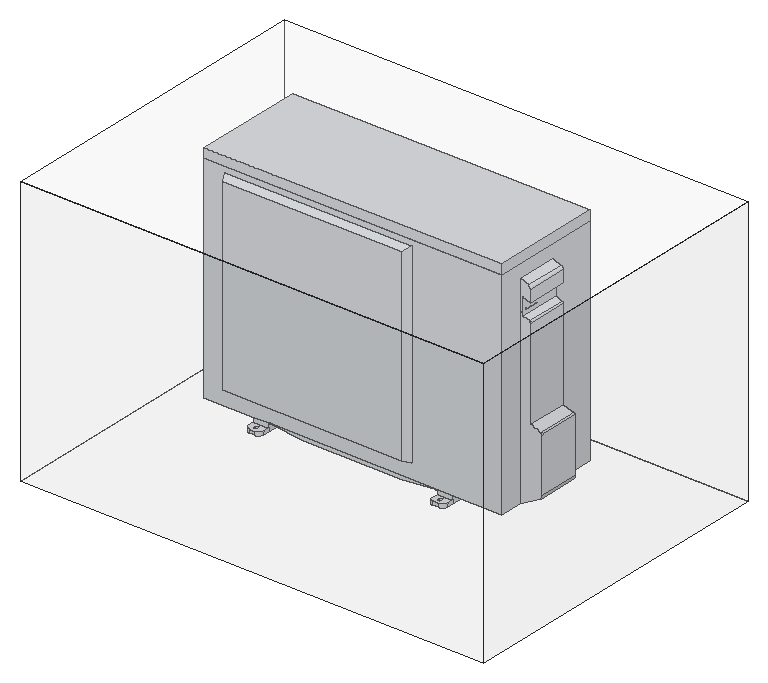
Revit family "puz-zrmp28_63ska12_50Hz", category 機械設備, Revit 2019
Family settings
  丸型コネクタ寸法 = 直径を使用
  パーツ タイプ = 標準
  OmniClass 番号 = 23.75.10.24.21.27.27
  OmniClass タイトル = Split System Air Conditioning Units
  作業面ベース = いいえ
  常に垂直 = はい
  ロード時にボイドで切り取り = いいえ
  共有 = いいえ
  部屋計算ポイント = いいえ
Parameters (values of type "PUZ-ZRMP63SKA12")
  音響パワーレベル（冷）(dB) = 65
  音響パワーレベル(dB) = 67
  電源種別 = ""
  電源位置Y = 61 mm
  電源位置Z = 497.7 mm
  電源位置X = 400 mm
  電圧 = 200 V
  電動機出力_送風機 = 0.04 kW
  電動機出力_圧縮機 = 1.2 kW
  集中コントローラ [instance] = ""
  運転質量 = 0.00 kg
  運転方法 = "冷暖切替"
  質量 = if(製品質量 > 運転質量, 製品質量, 運転質量) * 1.2  # 51.60 kg
  負荷分類 = 1_熱源類
  説明 = "空冷H/P PAC インバータ室外機"
  設計暖房能力 [instance] = 0 kW
  設計冷房能力_顕熱 [instance] = 0 kW
  設計冷房能力 [instance] = 0 kW
  設置方法 = "床置形"
  記号 [instance] = ""
  製造元 = "三菱電機株式会社"
  製品質量 = 43.00 kg
  製品出荷対象 = "国内"
  製品リリース年月 = "2022/10/11"
  製品グループ = ""
  系統 [instance] = ""
  符号 = "PAC"
  積算_科目 = "1 空気調和設備"
  積算_拾い区分 [instance] = ""
  相 = 1
  盤記号 [instance] = ""
  発停方法 = "付属スイッチ"
  特殊仕様 [instance] = ""
  消費電力_暖房 = 1.34 kW
  消費電力_冷房 = 1.28 kW
  消費電力 = if(消費電力_冷房 > 消費電力_暖房, 消費電力_冷房, 消費電力_暖房)  # 1.34 kW
  法定耐用年数 = "6"
  構成品番 = "PUZ-ZRMP63SKA"
  極数 = 1
  材質 [instance] = ""
  本体マテリアル = none
  最小電線太さ_mm2 = 1.6
  最大電流値 = 0 A
  暖房能力 = 6.3 kW
  推奨ブレーカー容量 = 30 A
  据付ピッチ1 = 0 mm
  形式 = "パッケージ形 室外機"
  形名 = PUZ-ZRMP-1 : PUZ-ZRMP-1
  幹線記号 [instance] = ""
  始動方式 = "インバータ始動方式"
  呼称 = "パッケージ形空気調和機_室外機"
  周波数 = 50 Hz
  価格 = 716000
  ドレン　位置Z = 8.5 mm
  ドレン　位置Y = 48.5 mm
  ドレン　位置X = 404.5 mm
  アンカーボルト位置Y = 330 mm
  アンカーボルト位置X = 500 mm
  参照している仕様書等のバージョン = "公共建築物標準仕様書（機械設備工事編）平成31年度版"
  分類コード = "50053003126100"
  分類グループ = ""
  冷房能力 = 5.6 kW
  冷媒管（ガス）位置X = 420 mm
  冷媒管（液）位置X = 420 mm
  冷媒管（液）位置Y = 153.75 mm
  冷媒管（ガス）位置Y = 153.75 mm
  冷媒管長 [instance] = 0 mm
  冷媒管径符号 = "Ac"
  冷媒管径 = 60.00 mm
  冷媒管位置Z = 158.95 mm
  冷媒管位置Y = (冷媒管（液）位置Y + 冷媒管（ガス）位置Y) / 2  # 153.75 mm
  冷媒管位置X = (冷媒管（液）位置X + 冷媒管（ガス）位置X) / 2  # 420 mm
  冷媒液管径 = 6.35 mm
  冷媒ガス管径 = 12.70 mm
  企業コード = "108420"
  付属品 [instance] = ""
  仕様書バージョン = "Version1.0"
  ユニット数 = 1
  ユニット3 = yes
  ユニット2 = yes
  Model = ""
  ドレン管径 = 42.00 mm
  サービススペース = yes
  コメント [instance] = ""
  ケーブル種類1 = ""
  Width = 809 mm
  Version = ""
  Uniclass2015Version = "Systems v1.9"
  Uniclass2015Title = "Split coil remote air cooled condensing units"
  Uniclass2015Code = "Pr_70_65_03_84"
  URL = "https://www.mitsubishielectric.co.jp/ldg/wink/ssl/displayProduct.do?pid=323518"
  SpecificationReference = ""
  SpecificationDescription = ""
  Revision = ""
  ProductInformation = ""
  OmniClassCode = "23-33 17 13 11"
  IfcTypeProduct = ""
  IfcProduct = ""
  IfcExportType = "AIRCONDITIONINGUNIT"
  IfcExportAs = "IfcUnitaryEquipmentType"
  Height = 630 mm
  Depth = 300 mm
  Clearance Top = 100 mm
  Clearance Right = 350 mm
  Clearance Left = 100 mm
  Clearance Front = 500 mm
  Clearance Bottom = 0 mm
  Clearance Back = 100 mm
  COP = 0
  Author = "三菱電機株式会社"
  APF = 0
Reference planes
  plane 1 "中心(正面/背面)": y = 74
  plane 2: z = 0
  plane 3 "中心(左/右)": x = 830
  plane 4 "右": x = 1234.5
  plane 5 "左": x = 425.5
  plane 6 "背面": y = 224
  plane 7 "正面": y = -76
  plane 8 "上部": z = 630
  plane 9 "Clearanse Top": z = 730
  plane 10 "SS_back": y = 324
  plane 11 "SS_front": y = -576
  plane 12 "SS_left": x = 325.5
  plane 13 "SS_right": x = 1584.5
  plane 14: z = 0
  plane 15: y = -15
  plane 16: x = 1230
  plane 17: z = 497.7
  plane 18: y = -13
  plane 19: y = 70.25
  plane 20: x = 1250
  plane 21: y = 175.5
  plane 22: x = 830
  plane 23: z = 10.5
  plane 24: z = 8.5
  plane 25: x = 580
  plane 26: x = 1080
  plane 27: y = 239
  plane 28: y = -91
Forms (mm)
  Extrusion 1, solid, detail levels fine
    sketch origin (0, -76, 0) x (1, 0, 0) y (0, 0, 1)
      loop
        circle (1230, 497.7) r 13.5
    from -63 to -61
  Extrusion 2, solid, detail levels fine
    sketch origin (-1437.329, -1524, 54) x (-1, 0, 0) y (0, -1, 0)
      loop
        circle (-2267.329, -1699.5) r 21
    from -45.5 to -43.5
  Sweep 3, solid, material <- "本体マテリアル", detail levels fine
    path origin (1250, 1296.25, 1200) x (0, 1, 0) y (0, 0, 1)
      loop
        line (-1226, -1041.05) -> (-1272.623, -1084.565)
    profile origin (1250, 46.939, 137.193) x (0, 0.682318, -0.731055) y (1, 0, 0)
      loop
        circle (0, 0) r 30
Lines and regions (mm)
  model lines, not visible
    curve 1: line (460, 178.667, 1289.179) -> (460, 297.73, 1289.179)
    curve 2: line (460, 178.667, 1056.056) -> (460, 178.667, 1289.179)
    curve 3: line (460, 297.73, 1056.056) -> (460, 178.667, 1056.056)
    curve 4: line (460, 297.73, 1289.179) -> (460, 297.73, 1056.056)
    curve 5: line (460, 47.598, 1289.179) -> (460, 166.661, 1289.179)
    curve 6: line (460, 47.598, 1056.056) -> (460, 47.598, 1289.179)
    curve 7: line (460, 166.661, 1056.056) -> (460, 47.598, 1056.056)
    curve 8: line (460, 166.661, 1289.179) -> (460, 166.661, 1056.056)
    curve 9: line (460, -83.471, 1289.179) -> (460, 35.592, 1289.179)
    curve 10: line (460, -83.471, 1056.056) -> (460, -83.471, 1289.179)
    curve 11: line (460, 35.592, 1056.056) -> (460, -83.471, 1056.056)
    curve 12: line (460, 35.592, 1289.179) -> (460, 35.592, 1056.056)
    curve 13: line (460, -150.779, 1289.179) -> (460, -95.75, 1289.179)
    curve 14: line (460, -150.779, 1056.056) -> (460, -150.779, 1289.179)
    curve 15: line (460, -95.75, 1056.056) -> (460, -150.779, 1056.056)
    curve 16: line (460, -95.75, 1289.179) -> (460, -95.75, 1056.056)
    curve 17: line (460, -150.779, 1283.175) -> (460, -132.596, 1283.175)
    curve 18: line (460, -150.779, 1062.059) -> (460, -150.779, 1283.175)
    curve 19: line (460, -132.596, 1062.059) -> (460, -150.779, 1062.059)
    curve 20: line (460, -132.596, 1283.175) -> (460, -132.596, 1062.059)
    curve 21: line (460, 178.667, 1046.051) -> (460, 297.73, 1046.051)
    curve 22: line (460, 178.667, 812.928) -> (460, 178.667, 1046.051)
    curve 23: line (460, 297.73, 812.928) -> (460, 178.667, 812.928)
    curve 24: line (460, 297.73, 1046.051) -> (460, 297.73, 812.928)
    curve 25: line (460, 47.598, 1046.051) -> (460, 166.661, 1046.051)
    curve 26: line (460, 47.598, 812.928) -> (460, 47.598, 1046.051)
    curve 27: line (460, 166.661, 812.928) -> (460, 47.598, 812.928)
    curve 28: line (460, 166.661, 1046.051) -> (460, 166.661, 812.928)
    curve 29: line (460, -83.471, 1046.051) -> (460, 35.592, 1046.051)
    curve 30: line (460, -83.471, 812.928) -> (460, -83.471, 1046.051)
    curve 31: line (460, 35.592, 812.928) -> (460, -83.471, 812.928)
    curve 32: line (460, 35.592, 1046.051) -> (460, 35.592, 812.928)
    curve 33: line (460, -150.779, 1046.051) -> (460, -95.75, 1046.051)
    curve 34: line (460, -150.779, 812.928) -> (460, -150.779, 1046.051)
    curve 35: line (460, -95.75, 812.928) -> (460, -150.779, 812.928)
    curve 36: line (460, -95.75, 1046.051) -> (460, -95.75, 812.928)
    curve 37: line (460, -150.779, 1040.048) -> (460, -132.596, 1040.048)
    curve 38: line (460, -150.779, 818.931) -> (460, -150.779, 1040.048)
    curve 39: line (460, -132.596, 818.931) -> (460, -150.779, 818.931)
    curve 40: line (460, -132.596, 1040.048) -> (460, -132.596, 818.931)
    curve 41: line (460, 178.667, 802.923) -> (460, 297.73, 802.923)
    curve 42: line (460, 178.667, 569.8) -> (460, 178.667, 802.923)
    curve 43: line (460, 297.73, 569.8) -> (460, 178.667, 569.8)
    curve 44: line (460, 297.73, 802.923) -> (460, 297.73, 569.8)
    curve 45: line (460, 47.598, 802.923) -> (460, 166.661, 802.923)
    curve 46: line (460, 47.598, 569.8) -> (460, 47.598, 802.923)
    curve 47: line (460, 166.661, 569.8) -> (460, 47.598, 569.8)
    curve 48: line (460, 166.661, 802.923) -> (460, 166.661, 569.8)
    curve 49: line (460, -83.471, 802.923) -> (460, 35.592, 802.923)
    curve 50: line (460, -83.471, 569.8) -> (460, -83.471, 802.923)
    curve 51: line (460, 35.592, 569.8) -> (460, -83.471, 569.8)
    curve 52: line (460, 35.592, 802.923) -> (460, 35.592, 569.8)
    curve 53: line (460, -150.779, 802.923) -> (460, -95.75, 802.923)
    curve 54: line (460, -150.779, 569.8) -> (460, -150.779, 802.923)
    curve 55: line (460, -95.75, 569.8) -> (460, -150.779, 569.8)
    curve 56: line (460, -95.75, 802.923) -> (460, -95.75, 569.8)
    curve 57: line (460, -150.779, 796.92) -> (460, -132.596, 796.92)
    curve 58: line (460, -150.779, 575.803) -> (460, -150.779, 796.92)
    curve 59: line (460, -132.596, 575.803) -> (460, -150.779, 575.803)
    curve 60: line (460, -132.596, 796.92) -> (460, -132.596, 575.803)
    curve 61: line (460, 178.667, 559.795) -> (460, 297.73, 559.795)
    curve 62: line (460, 178.667, 326.672) -> (460, 178.667, 559.795)
    curve 63: line (460, 297.73, 326.672) -> (460, 178.667, 326.672)
    curve 64: line (460, 297.73, 559.795) -> (460, 297.73, 326.672)
    curve 65: line (460, 47.598, 559.795) -> (460, 166.661, 559.795)
    curve 66: line (460, 47.598, 326.672) -> (460, 47.598, 559.795)
    curve 67: line (460, 166.661, 326.672) -> (460, 47.598, 326.672)
    curve 68: line (460, 166.661, 559.795) -> (460, 166.661, 326.672)
    curve 69: line (460, -83.471, 559.795) -> (460, 35.592, 559.795)
    curve 70: line (460, -83.471, 326.672) -> (460, -83.471, 559.795)
    curve 71: line (460, 35.592, 326.672) -> (460, -83.471, 326.672)
    curve 72: line (460, 35.592, 559.795) -> (460, 35.592, 326.672)
    curve 73: line (460, -150.779, 559.795) -> (460, -95.75, 559.795)
    curve 74: line (460, -150.779, 326.672) -> (460, -150.779, 559.795)
    curve 75: line (460, -95.75, 326.672) -> (460, -150.779, 326.672)
    curve 76: line (460, -95.75, 559.795) -> (460, -95.75, 326.672)
    curve 77: line (460, -150.779, 553.792) -> (460, -132.596, 553.792)
    curve 78: line (460, -150.779, 332.675) -> (460, -150.779, 553.792)
    curve 79: line (460, -132.596, 332.675) -> (460, -150.779, 332.675)
    curve 80: line (460, -132.596, 553.792) -> (460, -132.596, 332.675)
    curve 81: line (460, 178.667, 316.667) -> (460, 297.73, 316.667)
    curve 82: line (460, 178.667, 83.544) -> (460, 178.667, 316.667)
    curve 83: line (460, 297.73, 83.544) -> (460, 178.667, 83.544)
    curve 84: line (460, 297.73, 316.667) -> (460, 297.73, 83.544)
    curve 85: line (460, 47.598, 316.667) -> (460, 166.661, 316.667)
    curve 86: line (460, 47.598, 83.544) -> (460, 47.598, 316.667)
    curve 87: line (460, 166.661, 83.544) -> (460, 47.598, 83.544)
    curve 88: line (460, 166.661, 316.667) -> (460, 166.661, 83.544)
    curve 89: line (460, -83.471, 316.667) -> (460, 35.592, 316.667)
    curve 90: line (460, -83.471, 83.544) -> (460, -83.471, 316.667)
    curve 91: line (460, 35.592, 83.544) -> (460, -83.471, 83.544)
    curve 92: line (460, 35.592, 316.667) -> (460, 35.592, 83.544)
    curve 93: line (460, -150.779, 316.667) -> (460, -95.75, 316.667)
    curve 94: line (460, -150.779, 83.544) -> (460, -150.779, 316.667)
    curve 95: line (460, -95.75, 83.544) -> (460, -150.779, 83.544)
    curve 96: line (460, -95.75, 316.667) -> (460, -95.75, 83.544)
    curve 97: line (460, -150.779, 310.664) -> (460, -132.596, 310.664)
    curve 98: line (460, -150.779, 89.547) -> (460, -150.779, 310.664)
    curve 99: line (460, -132.596, 89.547) -> (460, -150.779, 89.547)
    curve 100: line (460, -132.596, 310.664) -> (460, -132.596, 89.547)
Dimensions and locks
  equal spacing: plane 7 "正面", plane 1 "中心(正面/背面)", plane 6 "背面"
  "Depth": plane 7 "正面" to plane 6 "背面"
  "Width": plane 5 "左" to plane 4 "右"
  equal spacing: plane 5 "左", plane 3 "中心(左/右)", plane 4 "右"
  "Clearance Left": plane 12 "SS_left" to plane 5 "左"
  "Clearance Right": plane 4 "右" to plane 13 "SS_right"
  "Clearance Back": plane 6 "背面" to plane 10 "SS_back"
  "Clearance Front": plane 11 "SS_front" to plane 7 "正面"
  "Height": plane 8 "上部" to level
  "Clearance Top": plane 9 "Clearanse Top" to plane 8 "上部"
  "Clearance Bottom": level to plane 14
  "電源位置X": plane 3 "中心(左/右)" to plane 16
  "電源位置Y": plane 7 "正面" to plane 15
  "電源位置Z": plane 17 to level
  locked: plane 15 to plane 18 at 2
  "冷媒管位置X": plane 3 "中心(左/右)" to plane 20
  "冷媒管位置Y": plane 19 to plane 6 "背面"
  "ドレン　位置X": plane 5 "左" to plane 22
  "ドレン　位置Y": plane 21 to plane 6 "背面"
  locked: plane 23 to plane 24 at 2
  "ドレン　位置Z": plane 24 to level
  equal spacing: plane 28, plane 1 "中心(正面/背面)", plane 27
  "アンカーボルト位置Y": plane 28 to plane 27
  equal spacing: plane 25, plane 3 "中心(左/右)", plane 26
  "アンカーボルト位置X": plane 25 to plane 26
  radius of Extrusion 1 sketch curve = 13.5 mm
  "ドレン管径": diameter of Extrusion 2 sketch curve
  "冷媒管径": diameter of Sweep 3 sketch curve
  aligned and locked: level to plane 2
  aligned and locked: plane 10 "SS_back" to nested 1  (x2)
  aligned and locked: plane 13 "SS_right" to nested 1
  aligned and locked: plane 12 "SS_left" to nested 1  (x2)
  aligned and locked: nested 1 to plane 13 "SS_right"
  aligned and locked: plane 11 "SS_front" to nested 1
  aligned and locked: plane 9 "Clearanse Top" to nested 1
  aligned and locked: plane 1 "中心(正面/背面)" to nested 2
  aligned and locked: plane 3 "中心(左/右)" to nested 2
  aligned and locked: plane 14 to nested 1
  aligned and locked: plane 17 to Extrusion 1 sketch curve
  aligned and locked: plane 16 to Extrusion 1 sketch curve
  aligned and locked: Extrusion 1 to plane 18
  aligned and locked: plane 15 to Extrusion 1
  aligned and locked: plane 22 to Extrusion 2 sketch curve
  aligned and locked: plane 21 to Extrusion 2 sketch curve
  aligned and locked: plane 23 to Extrusion 2
  aligned and locked: Extrusion 2 to plane 24
  aligned and locked: plane 25 to nested 3
  aligned and locked: plane 27 to nested 3
Automatic sketch dimensions
  Sweep 3 sketch curve to plane 18 = 36.627 mm
  plane 1 "中心(正面/背面)" to Sweep 3 sketch curve = 3.75 mm
  plane 23 to Sweep 3 sketch curve = 104.935 mm
  Sweep 3 sketch curve to Sweep 3 sketch curve = 43.515 mm
  Sweep 3 sketch curve to plane 20 = 0 mm
  Sweep 3 sketch curve to profile plane = 0 mm
Nested families
  nested 1: "サービススペース" at (955, -126, 365), visible <- "サービススペース", type "サービススペース"
    with Width 1259 mm, Height 730 mm, Depth 900 mm
  nested 2: "PUZ-ZRMP-1" at (830, 74, 0), type <- "形名", type "PUZ-ZRMP-1"
  nested 3: "固定点" at (580, -91, 0), type "固定点"
    with 中心円 10 mm, W 500 mm, D 330 mm
Connectors
  electrical at (1230, -15, 497.7), driven by "極数", driven by "負荷分類", driven by "電圧", driven by "消費電力"
    settings: on Extrusion 1, index 2, voltage 200 V, apparent load 1340 VA, apparent load phase1 0 VA, apparent load phase2 0 VA, apparent load phase3 0 VA, power factor 1, load classification "1_熱源類", number of poles 1, system type 30, power factor state 1, is connector primary yes, connector utility no, sub classification motor no, connector description ""
  piping at (1250, 70.25, 158.95), diameter 60, driven by "冷媒管径", driven by "冷媒管径符号"
    settings: on Sweep 3, index 3, connector inside diameter 609.60 mm, connector length 0 mm, flow factor 0, pipe flow 0.0 L/s, pressure drop 0.0 Pa, fitting loss kfactor 0, connector angle 0.00°, fixture units 0, engagement length 0 mm, angle of deflection 0.00°, flow configuration 1, flow direction 2, fitting loss method 4, system type 7, joint type 0, gender type 0, connector reference index -1, connector utility 0, adjustable connector no, is connector primary yes, connector description "Ac"
Definition of nested family "サービススペース"
  Parameters (values of type "サービススペース")
    Width [instance] = 500 mm
    Height [instance] = 500 mm
    Depth [instance] = 500 mm
  Reference planes
    plane 1 "中心(正面/背面)": y = 0
    plane 2: z = 0
    plane 3 "中心(左/右)": x = 0
    plane 4: y = -250
    plane 5: x = 250
    plane 6: y = 250
    plane 7: x = -250
    plane 8: z = 250
    plane 9: z = -250
  Forms (mm)
    Extrusion 1, solid
      sketch origin (-638.939, 0, 72.39) x (1, 0, 0) y (0, 1, 0)
        loop
          line (388.939, 250) -> (388.939, -250) -> (888.939, -250) -> (888.939, 250) -> (388.939, 250)
      from -322.39 to 177.61
  Lines and regions (mm)
    symbolic lines
      curve 1: line (-250, 0, 250) -> (250, 0, 250)
      curve 2: line (-250, 0, -250) -> (-250, 0, 250)
      curve 3: line (250, 0, -250) -> (-250, 0, -250)
      curve 4: line (250, 0, 250) -> (250, 0, -250)
      curve 5: line (0, -250, 250) -> (0, 250, 250)
      curve 6: line (0, -250, -250) -> (0, -250, 250)
      curve 7: line (0, 250, -250) -> (0, -250, -250)
      curve 8: line (0, 250, 250) -> (0, 250, -250)
      curve 9: line (-250, 250, 0) -> (250, 250, 0)
      curve 10: line (-250, -250, 0) -> (-250, 250, 0)
      curve 11: line (250, -250, 0) -> (-250, -250, 0)
      curve 12: line (250, 250, 0) -> (250, -250, 0)
  Dimensions and locks
    equal spacing: plane 7, plane 3 "中心(左/右)", plane 5
    equal spacing: plane 4, plane 1 "中心(正面/背面)", plane 6
    "Depth": plane 4 to plane 6
    "Width": plane 7 to plane 5
    equal spacing: plane 8, plane 2, plane 9
    "Height": plane 8 to plane 9
    aligned and locked: plane 9 to curve 3
    aligned and locked: plane 7 to curve 2
    aligned and locked: curve 4 to plane 5
    aligned and locked: plane 5 to Extrusion 1
    aligned and locked: Extrusion 1 to plane 7
    aligned and locked: Extrusion 1 to plane 9
    aligned and locked: plane 8 to Extrusion 1
    aligned and locked: plane 9 to curve 7
  Automatic sketch dimensions
    plane 4 to Extrusion 1 sketch curve = 0 mm
    Extrusion 1 sketch curve to plane 7 = 0 mm
    Extrusion 1 sketch curve to plane 5 = 0 mm
    plane 6 to Extrusion 1 sketch curve = 0 mm
    curve 2 to plane 8 = 0 mm
    plane 4 to curve 11 = 0 mm
    curve 11 to plane 7 = 0 mm
    curve 11 to plane 5 = 0 mm
    plane 6 to curve 10 = 0 mm
    curve 7 to plane 4 = 0 mm
    curve 7 to plane 6 = 0 mm
    curve 6 to plane 8 = 0 mm
Definition of nested family "PUZ-ZRMP-1"
  Parameters (values of type "PUZ-ZRMP-1")
    配線取出口サイズ = 27 mm
    配線取出口-Z = 497.7 mm
    配線取出口-Y = 239 mm
    配線取出口-X = 400 mm
    液配管サイズ = 50 mm
    高さ = 630 mm
    換気-W = 310 mm
    換気-H2 = 632 mm
    換気-H1 = 325 mm
    換気-D = 20 mm
    奥行き = 300 mm
    吊りボルト_H = 0 mm
    吊りボルト-φ = 10 mm
    冷媒配管サイズ = 6.35 mm
    冷媒液管径-Z = 164.5 mm
    冷媒液管径-Y = 185.5 mm
    冷媒液管径-X = 420 mm
    冷媒ガス管径-Z = 99.5 mm
    冷媒ガス管径-Y = 185.5 mm
    冷媒ガス管径-X = 420 mm
    吊りボルト-W = 500 mm
    マテリアル = none
    ドレン配管サイズ = 42 mm
    ドレン管径-Z = 0 mm
    ドレン管径-Y = 251.5 mm
    ドレン管径-X = 404.5 mm
    タイプ3 = no
    タイプ2 = no
    タイプ1 = yes
    ガス配管サイズ = 12.7 mm
    吊りボルト-D = 330 mm
    幅さ = 809 mm
    a = 600 mm
  Reference planes
    plane 1 "中心(正面/背面)": y = 0
    plane 2: z = 0
    plane 3 "中心(左/右)": x = 0
    plane 4: z = 630
    plane 5: x = -404.5
    plane 6: x = 404.5
    plane 7: y = 150
    plane 8: y = -150
    plane 9: x = 466.5
    plane 10: y = -90
    plane 11: y = 20
    plane 12: z = 605
    plane 13: x = -424.5
    plane 14: x = -250
    plane 15: x = 250
    plane 16: y = 165
    plane 17: y = -165
    plane 18: x = 270
    plane 19: x = 230
    plane 20: x = -230
    plane 21: x = -270
    plane 22: y = 180
    plane 23: y = -180
    plane 24: z = 8.5
    plane 25: z = 20
    plane 26: z = 11.5
    plane 27: x = -135
    plane 28: x = 135
    plane 29: z = 625
    plane 30: y = -40
    plane 31: y = 40
    plane 32: y = -30
    plane 33: y = 30
    plane 34: z = 610
    plane 35: z = 55
    plane 36: z = 225
    plane 37: z = 570
    plane 38: x = 414.5
    plane 39: x = 435.5
    plane 40: y = -170
    plane 41: x = -94.5
    plane 42: z = 325
    plane 43: x = 159.5
    plane 44: x = -348.5
    plane 45: z = 589
    plane 46: z = 61
    plane 47: x = -338.5
    plane 48: x = 149.5
    plane 49: z = 579
    plane 50: z = 71
    plane 51: y = 100
    plane 52: y = -100
    plane 53: x = 0
    plane 54: y = 101.5
    plane 55: x = 420
    plane 56: x = 400
    plane 57: y = -89
    plane 58: y = -35.5
    plane 59: y = -35.5
    plane 60: x = 420
    plane 61: z = 99.5
    plane 62: z = 164.5
    plane 63: z = 497.7
    plane 64: y = -39
    plane 65: z = 137.3
    plane 66: z = 180.6
    plane 67: x = 420
    plane 68: y = -35.5
    plane 69 "グループ": x = -600
    plane 70: z = 1338
    plane 71: z = 943
    plane 72: z = 957
    plane 73: z = 1221
    plane 74: z = 693
    plane 75: z = 1211
    plane 76: z = 703
    plane 77: y = -12.5
    plane 78: y = 5
    plane 79: y = -3.75
  Forms (mm)
    Extrusion 1, solid, visible <- "タイプ1", detail levels fine
      sketch origin (-1437.329, -1524, 630) x (-1, 0, 0) y (0, -1, 0)
        loop
          line (-1167.329, -1674) -> (-1167.329, -1374) -> (-1207.329, -1374) -> (-1207.329, -1674) -> (-1167.329, -1674)
        loop
          line (-1667.329, -1674) -> (-1667.329, -1374) -> (-1707.329, -1374) -> (-1707.329, -1674) -> (-1667.329, -1674)
      from -630 to -610
    Extrusion 2, solid, material <- "マテリアル", visible <- "タイプ1", detail levels fine
      sketch origin (0, 0, 0) x (1, 0, 0) y (0, 0, 1)
        loop
          line (-230, 20) -> (-135, 11.5) -> (135, 11.5) -> (230, 20) -> (-230, 20)
      from -150 to 150
    Extrusion 3, solid, material <- "マテリアル", visible <- "タイプ1", detail levels fine
      sketch origin (-1437.329, -1524, 630) x (-1, 0, 0) y (0, -1, 0)
        loop
          circle (-1437.329, -1625.5) r 21
      from -621.5 to -618.5
    Extrusion 4, solid, material <- "マテリアル", visible <- "タイプ1", detail levels fine
      sketch origin (-1437.329, -1524, 630) x (-1, 0, 0) y (0, -1, 0)
        loop
          line (-1841.829, -1674) -> (-1032.829, -1674) -> (-1032.829, -1374) -> (-1841.829, -1374) -> (-1841.829, -1674)
      from -610 to -25
    Extrusion 5, solid, material <- "マテリアル", visible <- "タイプ1", detail levels fine
      sketch origin (-1437.329, -1524, 630) x (-1, 0, 0) y (0, -1, 0)
        loop
          line (-1032.829, -1674) -> (-1032.829, -1374) -> (-1841.829, -1374) -> (-1841.829, -1674) -> (-1032.829, -1674)
      from -25 to 0
    Blend 6, solid, material <- "マテリアル", visible <- "タイプ1", detail levels fine
      base sketch origin (0, 0, 0) x (0, 1, 0) y (0, 0, 1)
        loop
          line (40, 625) -> (-40, 625) -> (-40, 605) -> (40, 605) -> (40, 625)
      top sketch origin (0, 0, 0) x (0, 1, 0) y (0, 0, 1)
        loop
          line (30, 610) -> (-30, 610) -> (-30, 605) -> (30, 605) -> (30, 610)
      from -404.5 to -424.5
    Extrusion 7, solid, material <- "マテリアル", visible <- "タイプ1", detail levels fine
      sketch origin (0, 0, 0) x (1, 0, 0) y (0, 0, 1)
        loop
          line (404.5, 570) -> (404.5, 20) -> (461.416, 52.13)
          arc (461.416, 52.13) -> (465.136, 55.796) -> (466.5, 60.838) r 10
          line (466.5, 60.838) -> (466.5, 210.216)
          arc (466.5, 210.216) -> (465.596, 213.084) -> (463.21, 214.914) r 5
          line (463.21, 214.914) -> (435.5, 225) -> (435.5, 470.082)
          arc (435.5, 470.082) -> (434.596, 472.95) -> (432.21, 474.78) r 5
          line (432.21, 474.78) -> (414.5, 481.226) -> (414.5, 529.114) -> (435.5, 521.471) -> (435.5, 551.715)
          arc (435.5, 551.715) -> (433.692, 557.451) -> (428.92, 561.112) r 10
          line (428.92, 561.112) -> (404.5, 570)
      from -20 to 90
    Blend 8, solid, material <- "マテリアル", visible <- "タイプ1", detail levels fine
      base sketch origin (0, 0, 0) x (1, 0, 0) y (0, 0, 1)
        loop
          line (-348.5, 589) -> (-348.5, 61) -> (159.5, 61) -> (159.5, 589) -> (-348.5, 589)
      top sketch origin (0, 0, 0) x (1, 0, 0) y (0, 0, 1)
        loop
          line (-338.5, 579) -> (-338.5, 71) -> (149.5, 71) -> (149.5, 579) -> (-338.5, 579)
      from 150 to 170
    Extrusion 9, solid, material <- "マテリアル", visible <- "タイプ1", detail levels fine
      sketch origin (1480.036, -170, 1200) x (1, 0, 0) y (0, 0, 1)
        loop
          circle (-1080.036, -702.3) r 13.5
      from -131 to -81
    Extrusion 10, solid, visible <- "タイプ1", detail levels fine
      sketch origin (-1437.329, -1524, 630) x (-1, 0, 0) y (0, -1, 0)
        loop
          line (-1167.329, -1704) -> (-1167.329, -1674) -> (-1207.329, -1674) -> (-1207.329, -1704) -> (-1192.329, -1704) -> (-1192.329, -1689)
          arc (-1192.329, -1689) -> (-1187.329, -1684) -> (-1182.329, -1689) r 5
          line (-1182.329, -1689) -> (-1182.329, -1704) -> (-1167.329, -1704)
        loop
          line (-1667.329, -1704) -> (-1667.329, -1674) -> (-1707.329, -1674) -> (-1707.329, -1704) -> (-1692.329, -1704) -> (-1692.329, -1689)
          arc (-1692.329, -1689) -> (-1687.329, -1684) -> (-1682.329, -1689) r 5
          line (-1682.329, -1689) -> (-1682.329, -1704) -> (-1667.329, -1704)
        loop
          line (-1667.329, -1374) -> (-1667.329, -1354)
          arc (-1667.329, -1354) -> (-1670.258, -1346.929) -> (-1677.329, -1344) r 10
          line (-1677.329, -1344) -> (-1694.129, -1344)
          arc (-1694.129, -1344) -> (-1703.463, -1347.866) -> (-1707.329, -1357.2) r 13.2
          line (-1707.329, -1357.2) -> (-1707.329, -1374) -> (-1667.329, -1374)
        loop
          line (-1167.329, -1374) -> (-1167.329, -1357.2)
          arc (-1167.329, -1357.2) -> (-1171.196, -1347.866) -> (-1180.529, -1344) r 13.2
          line (-1180.529, -1344) -> (-1194.129, -1344)
          arc (-1194.129, -1344) -> (-1203.463, -1347.866) -> (-1207.329, -1357.2) r 13.2
          line (-1207.329, -1357.2) -> (-1207.329, -1374) -> (-1167.329, -1374)
        loop
          arc (-1192.329, -1359) -> (-1187.329, -1364) -> (-1182.329, -1359) r 5
          line (-1182.329, -1359) -> (-1182.329, -1357.2)
          arc (-1182.329, -1357.2) -> (-1187.329, -1352.2) -> (-1192.329, -1357.2) r 5
          line (-1192.329, -1357.2) -> (-1192.329, -1359)
        loop
          arc (-1692.329, -1359) -> (-1687.329, -1364) -> (-1682.329, -1359) r 5
          line (-1682.329, -1359) -> (-1682.329, -1357.2)
          arc (-1682.329, -1357.2) -> (-1687.329, -1352.2) -> (-1692.329, -1357.2) r 5
          line (-1692.329, -1357.2) -> (-1692.329, -1359)
      from -621.5 to -630
    Sweep 11, solid, material <- "マテリアル", visible <- "タイプ1", detail levels fine
      path origin (420, 1296.25, 1200) x (0, 1, 0) y (0, 0, 1)
        loop
          line (-1331.75, -1035.5) -> (-1308.75, -1019.4)
      profile origin (420, -24, 172.55) x (0, -0.573462, 0.819232) y (1, 0, 0)
        loop
          circle (0, 0) r 3.175
    Sweep 12, solid, material <- "マテリアル", visible <- "タイプ1", detail levels fine
      path origin (420, 1296.25, 1200) x (0, 1, 0) y (0, 0, 1)
        loop
          line (-1331.75, -1100.5) -> (-1291.25, -1062.7)
      profile origin (420, -15.25, 118.4) x (0, -0.682318, 0.731055) y (1, 0, 0)
        loop
          circle (0, 0) r 6.35
  Lines and regions (mm)
    Masking region 1, visible <- "タイプ1", detail levels coarse+medium
      outline origin (-1437.329, -1524, 630) x (-1, 0, 0) y (0, -1, 0)
        loop
          line (-1841.829, -1674) -> (-1707.329, -1674) -> (-1707.329, -1704) -> (-1667.329, -1704) -> (-1667.329, -1674) -> (-1207.329, -1674) -> (-1207.329, -1704) -> (-1167.329, -1704) -> (-1167.329, -1674) -> (-1032.829, -1674) -> (-1032.829, -1564) -> (-1012.829, -1554) -> (-1012.829, -1494) -> (-1032.829, -1484) -> (-1032.829, -1374) -> (-1088.829, -1374) -> (-1098.829, -1354) -> (-1164.523, -1354)
          arc (-1164.523, -1354) -> (-1169.205, -1346.796) -> (-1177.329, -1344) r 13.2
          line (-1177.329, -1344) -> (-1193.997, -1344)
          arc (-1193.997, -1344) -> (-1202.121, -1346.796) -> (-1206.804, -1354) r 13.2
          line (-1206.804, -1354) -> (-1586.829, -1354) -> (-1596.829, -1374) -> (-1667.329, -1374) -> (-1667.329, -1354)
          arc (-1667.329, -1354) -> (-1670.258, -1346.929) -> (-1677.329, -1344) r 10
          line (-1677.329, -1344) -> (-1694.129, -1344)
          arc (-1694.129, -1344) -> (-1703.463, -1347.866) -> (-1707.329, -1357.2) r 13.2
          line (-1707.329, -1357.2) -> (-1707.329, -1374) -> (-1841.829, -1374) -> (-1841.829, -1434) -> (-1903.829, -1434) -> (-1903.829, -1544) -> (-1841.829, -1544) -> (-1841.829, -1674)
    model lines, visible <- "タイプ1", detail levels fine
      curve 1: line (324.5, 100, 630) -> (-324.5, 100, 630)
      curve 2: line (-324.5, -100, 630) -> (324.5, -100, 630)
      curve 3: line (-324.5, -40, 630) -> (324.5, -40, 630)
      curve 4: line (324.5, 40, 630) -> (-324.5, 40, 630)
      curve 5: line (-324.5, -30, 630) -> (324.5, -30, 630)
      curve 6: line (324.5, 30, 630) -> (-324.5, 30, 630)
      curve 7: line (-324.5, 100, 630) -> (-324.5, 40, 630)
      curve 8: line (324.5, -100, 630) -> (324.5, -40, 630)
      curve 9: line (-324.5, 30, 630) -> (-324.5, -30, 630)
      curve 10: line (-324.5, -40, 630) -> (-324.5, -100, 630)
      curve 11: line (324.5, -30, 630) -> (324.5, 30, 630)
      curve 12: line (324.5, 40, 630) -> (324.5, 100, 630)
      curve 13: line (354.5, -100, 630) -> (354.5, 100, 630)
      curve 14: line (339.5, -100, 630) -> (339.5, 100, 630)
      curve 15: line (-354.5, 100, 630) -> (-354.5, -100, 630)
      curve 16: line (-339.5, 100, 630) -> (-339.5, -100, 630)
      curve 17: line (-339.5, 100, 630) -> (-354.5, 100, 630)
      curve 18: line (-339.5, -100, 630) -> (-354.5, -100, 630)
      curve 19: line (339.5, 100, 630) -> (354.5, 100, 630)
      curve 20: line (339.5, -100, 630) -> (354.5, -100, 630)
      curve 21: line (-338.5, -170, 372.5) -> (149.5, -170, 372.5)
      curve 22: line (149.5, -170, 277.5) -> (-338.5, -170, 277.5)
      curve 23: line (-338.5, -170, 467.5) -> (149.5, -170, 467.5)
      curve 24: line (-338.5, -170, 562.5) -> (149.5, -170, 562.5)
      curve 25: line (149.5, -170, 182.5) -> (-338.5, -170, 182.5)
      curve 26: line (149.5, -170, 87.5) -> (-338.5, -170, 87.5)
      curve 27: line (-321.071, -170, 579) -> (-321.071, -170, 71)
      curve 28: line (132.071, -170, 71) -> (132.071, -170, 579)
      curve 29: line (-303.643, -170, 579) -> (-303.643, -170, 71)
      curve 30: line (-286.214, -170, 579) -> (-286.214, -170, 71)
      curve 31: line (-268.786, -170, 579) -> (-268.786, -170, 71)
      curve 32: line (-251.357, -170, 579) -> (-251.357, -170, 71)
      curve 33: line (-233.929, -170, 579) -> (-233.929, -170, 71)
      curve 34: line (-216.5, -170, 579) -> (-216.5, -170, 71)
      curve 35: line (-199.071, -170, 579) -> (-199.071, -170, 71)
      curve 36: line (-181.643, -170, 579) -> (-181.643, -170, 71)
      curve 37: line (-164.214, -170, 579) -> (-164.214, -170, 71)
      curve 38: line (-146.786, -170, 579) -> (-146.786, -170, 71)
      curve 39: line (-129.357, -170, 579) -> (-129.357, -170, 71)
      curve 40: line (-111.929, -170, 579) -> (-111.929, -170, 71)
      curve 41: line (-94.5, -170, 579) -> (-94.5, -170, 71)
      curve 42: line (-77.071, -170, 579) -> (-77.071, -170, 71)
      curve 43: line (-59.643, -170, 579) -> (-59.643, -170, 71)
      curve 44: line (-42.214, -170, 579) -> (-42.214, -170, 71)
      curve 45: line (-24.786, -170, 579) -> (-24.786, -170, 71)
      curve 46: line (-7.357, -170, 579) -> (-7.357, -170, 71)
      curve 47: line (10.071, -170, 579) -> (10.071, -170, 71)
      curve 48: line (27.5, -170, 579) -> (27.5, -170, 71)
      curve 49: line (44.929, -170, 579) -> (44.929, -170, 71)
      curve 50: line (62.357, -170, 579) -> (62.357, -170, 71)
      curve 51: line (79.786, -170, 579) -> (79.786, -170, 71)
      curve 52: line (97.214, -170, 579) -> (97.214, -170, 71)
      curve 53: line (114.643, -170, 579) -> (114.643, -170, 71)
      curve 54: line (-404.5, -10, 574) -> (-404.5, -10, 584)
      curve 55: line (-404.5, -100, 584) -> (-404.5, -100, 574)
      curve 56: line (-404.5, 100, 584) -> (-404.5, 100, 574)
      curve 57: line (-404.5, 10, 584) -> (-404.5, 10, 574)
      curve 58: line (-404.5, 95, 589) -> (-404.5, 15, 589)
      curve 59: line (-404.5, -15, 589) -> (-404.5, -95, 589)
      curve 60: line (-404.5, -15, 569) -> (-404.5, -95, 569)
      curve 61: line (-404.5, 95, 569) -> (-404.5, 15, 569)
      curve 62: arc (-404.5, 100, 584) -> (-404.5, 98.536, 587.536) -> (-404.5, 95, 589) r 5
      curve 63: arc (-404.5, 95, 569) -> (-404.5, 98.536, 570.464) -> (-404.5, 100, 574) r 5
      curve 64: arc (-404.5, 10, 584) -> (-404.5, 11.464, 587.536) -> (-404.5, 15, 589) r 5
      curve 65: arc (-404.5, 10, 574) -> (-404.5, 11.464, 570.464) -> (-404.5, 15, 569) r 5
      curve 66: arc (-404.5, -10, 584) -> (-404.5, -11.464, 587.536) -> (-404.5, -15, 589) r 5
      curve 67: arc (-404.5, -15, 569) -> (-404.5, -11.464, 570.464) -> (-404.5, -10, 574) r 5
      curve 68: arc (-404.5, -95, 589) -> (-404.5, -98.536, 587.536) -> (-404.5, -100, 584) r 5
      curve 69: arc (-404.5, -100, 574) -> (-404.5, -98.536, 570.464) -> (-404.5, -95, 569) r 5
      curve 70: line (-404.5, -10, 544) -> (-404.5, -10, 554)
      curve 71: line (-404.5, -100, 554) -> (-404.5, -100, 544)
      curve 72: line (-404.5, 100, 554) -> (-404.5, 100, 544)
      curve 73: line (-404.5, 10, 554) -> (-404.5, 10, 544)
      curve 74: line (-404.5, 95, 559) -> (-404.5, 15, 559)
      curve 75: line (-404.5, -15, 559) -> (-404.5, -95, 559)
      curve 76: line (-404.5, -15, 539) -> (-404.5, -95, 539)
      curve 77: line (-404.5, 95, 539) -> (-404.5, 15, 539)
      curve 78: arc (-404.5, 100, 554) -> (-404.5, 98.536, 557.536) -> (-404.5, 95, 559) r 5
      curve 79: arc (-404.5, 95, 539) -> (-404.5, 98.536, 540.464) -> (-404.5, 100, 544) r 5
      curve 80: arc (-404.5, 10, 554) -> (-404.5, 11.464, 557.536) -> (-404.5, 15, 559) r 5
      curve 81: arc (-404.5, 10, 544) -> (-404.5, 11.464, 540.464) -> (-404.5, 15, 539) r 5
      curve 82: arc (-404.5, -10, 554) -> (-404.5, -11.464, 557.536) -> (-404.5, -15, 559) r 5
      curve 83: arc (-404.5, -15, 539) -> (-404.5, -11.464, 540.464) -> (-404.5, -10, 544) r 5
      curve 84: arc (-404.5, -95, 559) -> (-404.5, -98.536, 557.536) -> (-404.5, -100, 554) r 5
      curve 85: arc (-404.5, -100, 544) -> (-404.5, -98.536, 540.464) -> (-404.5, -95, 539) r 5
      curve 86: line (-404.5, -10, 514) -> (-404.5, -10, 524)
      curve 87: line (-404.5, -100, 524) -> (-404.5, -100, 514)
      curve 88: line (-404.5, 100, 524) -> (-404.5, 100, 514)
      curve 89: line (-404.5, 10, 524) -> (-404.5, 10, 514)
      curve 90: line (-404.5, 95, 529) -> (-404.5, 15, 529)
      curve 91: line (-404.5, -15, 529) -> (-404.5, -95, 529)
      curve 92: line (-404.5, -15, 509) -> (-404.5, -95, 509)
      curve 93: line (-404.5, 95, 509) -> (-404.5, 15, 509)
      curve 94: arc (-404.5, 100, 524) -> (-404.5, 98.536, 527.536) -> (-404.5, 95, 529) r 5
      curve 95: arc (-404.5, 95, 509) -> (-404.5, 98.536, 510.464) -> (-404.5, 100, 514) r 5
      curve 96: arc (-404.5, 10, 524) -> (-404.5, 11.464, 527.536) -> (-404.5, 15, 529) r 5
      curve 97: arc (-404.5, 10, 514) -> (-404.5, 11.464, 510.464) -> (-404.5, 15, 509) r 5
      curve 98: arc (-404.5, -10, 524) -> (-404.5, -11.464, 527.536) -> (-404.5, -15, 529) r 5
      curve 99: arc (-404.5, -15, 509) -> (-404.5, -11.464, 510.464) -> (-404.5, -10, 514) r 5
      curve 100: arc (-404.5, -95, 529) -> (-404.5, -98.536, 527.536) -> (-404.5, -100, 524) r 5
      curve 101: arc (-404.5, -100, 514) -> (-404.5, -98.536, 510.464) -> (-404.5, -95, 509) r 5
      curve 102: line (-404.5, -10, 484) -> (-404.5, -10, 494)
      curve 103: line (-404.5, -100, 494) -> (-404.5, -100, 484)
      curve 104: line (-404.5, 100, 494) -> (-404.5, 100, 484)
      curve 105: line (-404.5, 10, 494) -> (-404.5, 10, 484)
      curve 106: line (-404.5, 95, 499) -> (-404.5, 15, 499)
      curve 107: line (-404.5, -15, 499) -> (-404.5, -95, 499)
      curve 108: line (-404.5, -15, 479) -> (-404.5, -95, 479)
      curve 109: line (-404.5, 95, 479) -> (-404.5, 15, 479)
      curve 110: arc (-404.5, 100, 494) -> (-404.5, 98.536, 497.536) -> (-404.5, 95, 499) r 5
      curve 111: arc (-404.5, 95, 479) -> (-404.5, 98.536, 480.464) -> (-404.5, 100, 484) r 5
      curve 112: arc (-404.5, 10, 494) -> (-404.5, 11.464, 497.536) -> (-404.5, 15, 499) r 5
      curve 113: arc (-404.5, 10, 484) -> (-404.5, 11.464, 480.464) -> (-404.5, 15, 479) r 5
      curve 114: arc (-404.5, -10, 494) -> (-404.5, -11.464, 497.536) -> (-404.5, -15, 499) r 5
      curve 115: arc (-404.5, -15, 479) -> (-404.5, -11.464, 480.464) -> (-404.5, -10, 484) r 5
      curve 116: arc (-404.5, -95, 499) -> (-404.5, -98.536, 497.536) -> (-404.5, -100, 494) r 5
      curve 117: arc (-404.5, -100, 484) -> (-404.5, -98.536, 480.464) -> (-404.5, -95, 479) r 5
      curve 118: line (-404.5, -10, 454) -> (-404.5, -10, 464)
      curve 119: line (-404.5, -100, 464) -> (-404.5, -100, 454)
      curve 120: line (-404.5, 100, 464) -> (-404.5, 100, 454)
      curve 121: line (-404.5, 10, 464) -> (-404.5, 10, 454)
      curve 122: line (-404.5, 95, 469) -> (-404.5, 15, 469)
      curve 123: line (-404.5, -15, 469) -> (-404.5, -95, 469)
      curve 124: line (-404.5, -15, 449) -> (-404.5, -95, 449)
      curve 125: line (-404.5, 95, 449) -> (-404.5, 15, 449)
      curve 126: arc (-404.5, 100, 464) -> (-404.5, 98.536, 467.536) -> (-404.5, 95, 469) r 5
      curve 127: arc (-404.5, 95, 449) -> (-404.5, 98.536, 450.464) -> (-404.5, 100, 454) r 5
      curve 128: arc (-404.5, 10, 464) -> (-404.5, 11.464, 467.536) -> (-404.5, 15, 469) r 5
      curve 129: arc (-404.5, 10, 454) -> (-404.5, 11.464, 450.464) -> (-404.5, 15, 449) r 5
      curve 130: arc (-404.5, -10, 464) -> (-404.5, -11.464, 467.536) -> (-404.5, -15, 469) r 5
      curve 131: arc (-404.5, -15, 449) -> (-404.5, -11.464, 450.464) -> (-404.5, -10, 454) r 5
      curve 132: arc (-404.5, -95, 469) -> (-404.5, -98.536, 467.536) -> (-404.5, -100, 464) r 5
      curve 133: arc (-404.5, -100, 454) -> (-404.5, -98.536, 450.464) -> (-404.5, -95, 449) r 5
      curve 134: line (-404.5, -10, 424) -> (-404.5, -10, 434)
      curve 135: line (-404.5, -100, 434) -> (-404.5, -100, 424)
      curve 136: line (-404.5, 100, 434) -> (-404.5, 100, 424)
      curve 137: line (-404.5, 10, 434) -> (-404.5, 10, 424)
      curve 138: line (-404.5, 95, 439) -> (-404.5, 15, 439)
      curve 139: line (-404.5, -15, 439) -> (-404.5, -95, 439)
      curve 140: line (-404.5, -15, 419) -> (-404.5, -95, 419)
      curve 141: line (-404.5, 95, 419) -> (-404.5, 15, 419)
      curve 142: arc (-404.5, 100, 434) -> (-404.5, 98.536, 437.536) -> (-404.5, 95, 439) r 5
      curve 143: arc (-404.5, 95, 419) -> (-404.5, 98.536, 420.464) -> (-404.5, 100, 424) r 5
      curve 144: arc (-404.5, 10, 434) -> (-404.5, 11.464, 437.536) -> (-404.5, 15, 439) r 5
      curve 145: arc (-404.5, 10, 424) -> (-404.5, 11.464, 420.464) -> (-404.5, 15, 419) r 5
      curve 146: arc (-404.5, -10, 434) -> (-404.5, -11.464, 437.536) -> (-404.5, -15, 439) r 5
      curve 147: arc (-404.5, -15, 419) -> (-404.5, -11.464, 420.464) -> (-404.5, -10, 424) r 5
      curve 148: arc (-404.5, -95, 439) -> (-404.5, -98.536, 437.536) -> (-404.5, -100, 434) r 5
      curve 149: arc (-404.5, -100, 424) -> (-404.5, -98.536, 420.464) -> (-404.5, -95, 419) r 5
      curve 150: line (-404.5, -10, 394) -> (-404.5, -10, 404)
      curve 151: line (-404.5, -100, 404) -> (-404.5, -100, 394)
      curve 152: line (-404.5, 100, 404) -> (-404.5, 100, 394)
      curve 153: line (-404.5, 10, 404) -> (-404.5, 10, 394)
      curve 154: line (-404.5, 95, 409) -> (-404.5, 15, 409)
      curve 155: line (-404.5, -15, 409) -> (-404.5, -95, 409)
      curve 156: line (-404.5, -15, 389) -> (-404.5, -95, 389)
      curve 157: line (-404.5, 95, 389) -> (-404.5, 15, 389)
      curve 158: arc (-404.5, 100, 404) -> (-404.5, 98.536, 407.536) -> (-404.5, 95, 409) r 5
      curve 159: arc (-404.5, 95, 389) -> (-404.5, 98.536, 390.464) -> (-404.5, 100, 394) r 5
      curve 160: arc (-404.5, 10, 404) -> (-404.5, 11.464, 407.536) -> (-404.5, 15, 409) r 5
      curve 161: arc (-404.5, 10, 394) -> (-404.5, 11.464, 390.464) -> (-404.5, 15, 389) r 5
      curve 162: arc (-404.5, -10, 404) -> (-404.5, -11.464, 407.536) -> (-404.5, -15, 409) r 5
      curve 163: arc (-404.5, -15, 389) -> (-404.5, -11.464, 390.464) -> (-404.5, -10, 394) r 5
      curve 164: arc (-404.5, -95, 409) -> (-404.5, -98.536, 407.536) -> (-404.5, -100, 404) r 5
      curve 165: arc (-404.5, -100, 394) -> (-404.5, -98.536, 390.464) -> (-404.5, -95, 389) r 5
      curve 166: line (-404.5, -10, 364) -> (-404.5, -10, 374)
      curve 167: line (-404.5, -100, 374) -> (-404.5, -100, 364)
      curve 168: line (-404.5, 100, 374) -> (-404.5, 100, 364)
      curve 169: line (-404.5, 10, 374) -> (-404.5, 10, 364)
      curve 170: line (-404.5, 95, 379) -> (-404.5, 15, 379)
      curve 171: line (-404.5, -15, 379) -> (-404.5, -95, 379)
      curve 172: line (-404.5, -15, 359) -> (-404.5, -95, 359)
      curve 173: line (-404.5, 95, 359) -> (-404.5, 15, 359)
      curve 174: arc (-404.5, 100, 374) -> (-404.5, 98.536, 377.536) -> (-404.5, 95, 379) r 5
      curve 175: arc (-404.5, 95, 359) -> (-404.5, 98.536, 360.464) -> (-404.5, 100, 364) r 5
      curve 176: arc (-404.5, 10, 374) -> (-404.5, 11.464, 377.536) -> (-404.5, 15, 379) r 5
      curve 177: arc (-404.5, 10, 364) -> (-404.5, 11.464, 360.464) -> (-404.5, 15, 359) r 5
      curve 178: arc (-404.5, -10, 374) -> (-404.5, -11.464, 377.536) -> (-404.5, -15, 379) r 5
      curve 179: arc (-404.5, -15, 359) -> (-404.5, -11.464, 360.464) -> (-404.5, -10, 364) r 5
      curve 180: arc (-404.5, -95, 379) -> (-404.5, -98.536, 377.536) -> (-404.5, -100, 374) r 5
      curve 181: arc (-404.5, -100, 364) -> (-404.5, -98.536, 360.464) -> (-404.5, -95, 359) r 5
      curve 182: line (-404.5, -10, 334) -> (-404.5, -10, 344)
      curve 183: line (-404.5, -100, 344) -> (-404.5, -100, 334)
      curve 184: line (-404.5, 100, 344) -> (-404.5, 100, 334)
      curve 185: line (-404.5, 10, 344) -> (-404.5, 10, 334)
      curve 186: line (-404.5, 95, 349) -> (-404.5, 15, 349)
      curve 187: line (-404.5, -15, 349) -> (-404.5, -95, 349)
      curve 188: line (-404.5, -15, 329) -> (-404.5, -95, 329)
      curve 189: line (-404.5, 95, 329) -> (-404.5, 15, 329)
      curve 190: arc (-404.5, 100, 344) -> (-404.5, 98.536, 347.536) -> (-404.5, 95, 349) r 5
      curve 191: arc (-404.5, 95, 329) -> (-404.5, 98.536, 330.464) -> (-404.5, 100, 334) r 5
      curve 192: arc (-404.5, 10, 344) -> (-404.5, 11.464, 347.536) -> (-404.5, 15, 349) r 5
      curve 193: arc (-404.5, 10, 334) -> (-404.5, 11.464, 330.464) -> (-404.5, 15, 329) r 5
      curve 194: arc (-404.5, -10, 344) -> (-404.5, -11.464, 347.536) -> (-404.5, -15, 349) r 5
      curve 195: arc (-404.5, -15, 329) -> (-404.5, -11.464, 330.464) -> (-404.5, -10, 334) r 5
      curve 196: arc (-404.5, -95, 349) -> (-404.5, -98.536, 347.536) -> (-404.5, -100, 344) r 5
      curve 197: arc (-404.5, -100, 334) -> (-404.5, -98.536, 330.464) -> (-404.5, -95, 329) r 5
      curve 198: line (-404.5, -10, 304) -> (-404.5, -10, 314)
      curve 199: line (-404.5, -100, 314) -> (-404.5, -100, 304)
      curve 200: line (-404.5, 100, 314) -> (-404.5, 100, 304)
      curve 201: line (-404.5, 10, 314) -> (-404.5, 10, 304)
      curve 202: line (-404.5, 95, 319) -> (-404.5, 15, 319)
      curve 203: line (-404.5, -15, 319) -> (-404.5, -95, 319)
      curve 204: line (-404.5, -15, 299) -> (-404.5, -95, 299)
      curve 205: line (-404.5, 95, 299) -> (-404.5, 15, 299)
      curve 206: arc (-404.5, 100, 314) -> (-404.5, 98.536, 317.536) -> (-404.5, 95, 319) r 5
      curve 207: arc (-404.5, 95, 299) -> (-404.5, 98.536, 300.464) -> (-404.5, 100, 304) r 5
      curve 208: arc (-404.5, 10, 314) -> (-404.5, 11.464, 317.536) -> (-404.5, 15, 319) r 5
      curve 209: arc (-404.5, 10, 304) -> (-404.5, 11.464, 300.464) -> (-404.5, 15, 299) r 5
      curve 210: arc (-404.5, -10, 314) -> (-404.5, -11.464, 317.536) -> (-404.5, -15, 319) r 5
      curve 211: arc (-404.5, -15, 299) -> (-404.5, -11.464, 300.464) -> (-404.5, -10, 304) r 5
      curve 212: arc (-404.5, -95, 319) -> (-404.5, -98.536, 317.536) -> (-404.5, -100, 314) r 5
      curve 213: arc (-404.5, -100, 304) -> (-404.5, -98.536, 300.464) -> (-404.5, -95, 299) r 5
      curve 214: line (-404.5, -10, 274) -> (-404.5, -10, 284)
      curve 215: line (-404.5, -100, 284) -> (-404.5, -100, 274)
      curve 216: line (-404.5, 100, 284) -> (-404.5, 100, 274)
      curve 217: line (-404.5, 10, 284) -> (-404.5, 10, 274)
      curve 218: line (-404.5, 95, 289) -> (-404.5, 15, 289)
      curve 219: line (-404.5, -15, 289) -> (-404.5, -95, 289)
      curve 220: line (-404.5, -15, 269) -> (-404.5, -95, 269)
      curve 221: line (-404.5, 95, 269) -> (-404.5, 15, 269)
      curve 222: arc (-404.5, 100, 284) -> (-404.5, 98.536, 287.536) -> (-404.5, 95, 289) r 5
      curve 223: arc (-404.5, 95, 269) -> (-404.5, 98.536, 270.464) -> (-404.5, 100, 274) r 5
      curve 224: arc (-404.5, 10, 284) -> (-404.5, 11.464, 287.536) -> (-404.5, 15, 289) r 5
      curve 225: arc (-404.5, 10, 274) -> (-404.5, 11.464, 270.464) -> (-404.5, 15, 269) r 5
      curve 226: arc (-404.5, -10, 284) -> (-404.5, -11.464, 287.536) -> (-404.5, -15, 289) r 5
      curve 227: arc (-404.5, -15, 269) -> (-404.5, -11.464, 270.464) -> (-404.5, -10, 274) r 5
      curve 228: arc (-404.5, -95, 289) -> (-404.5, -98.536, 287.536) -> (-404.5, -100, 284) r 5
      curve 229: arc (-404.5, -100, 274) -> (-404.5, -98.536, 270.464) -> (-404.5, -95, 269) r 5
      curve 230: line (-404.5, -10, 244) -> (-404.5, -10, 254)
      curve 231: line (-404.5, -100, 254) -> (-404.5, -100, 244)
      curve 232: line (-404.5, 100, 254) -> (-404.5, 100, 244)
      curve 233: line (-404.5, 10, 254) -> (-404.5, 10, 244)
      curve 234: line (-404.5, 95, 259) -> (-404.5, 15, 259)
      curve 235: line (-404.5, -15, 259) -> (-404.5, -95, 259)
      curve 236: line (-404.5, -15, 239) -> (-404.5, -95, 239)
      curve 237: line (-404.5, 95, 239) -> (-404.5, 15, 239)
      curve 238: arc (-404.5, 100, 254) -> (-404.5, 98.536, 257.536) -> (-404.5, 95, 259) r 5
      curve 239: arc (-404.5, 95, 239) -> (-404.5, 98.536, 240.464) -> (-404.5, 100, 244) r 5
      curve 240: arc (-404.5, 10, 254) -> (-404.5, 11.464, 257.536) -> (-404.5, 15, 259) r 5
      curve 241: arc (-404.5, 10, 244) -> (-404.5, 11.464, 240.464) -> (-404.5, 15, 239) r 5
      curve 242: arc (-404.5, -10, 254) -> (-404.5, -11.464, 257.536) -> (-404.5, -15, 259) r 5
      curve 243: arc (-404.5, -15, 239) -> (-404.5, -11.464, 240.464) -> (-404.5, -10, 244) r 5
      curve 244: arc (-404.5, -95, 259) -> (-404.5, -98.536, 257.536) -> (-404.5, -100, 254) r 5
      curve 245: arc (-404.5, -100, 244) -> (-404.5, -98.536, 240.464) -> (-404.5, -95, 239) r 5
      curve 246: line (-404.5, -10, 214) -> (-404.5, -10, 224)
      curve 247: line (-404.5, -100, 224) -> (-404.5, -100, 214)
      curve 248: line (-404.5, 100, 224) -> (-404.5, 100, 214)
      curve 249: line (-404.5, 10, 224) -> (-404.5, 10, 214)
      curve 250: line (-404.5, 95, 229) -> (-404.5, 15, 229)
      curve 251: line (-404.5, -15, 229) -> (-404.5, -95, 229)
      curve 252: line (-404.5, -15, 209) -> (-404.5, -95, 209)
      curve 253: line (-404.5, 95, 209) -> (-404.5, 15, 209)
      curve 254: arc (-404.5, 100, 224) -> (-404.5, 98.536, 227.536) -> (-404.5, 95, 229) r 5
      curve 255: arc (-404.5, 95, 209) -> (-404.5, 98.536, 210.464) -> (-404.5, 100, 214) r 5
      curve 256: arc (-404.5, 10, 224) -> (-404.5, 11.464, 227.536) -> (-404.5, 15, 229) r 5
      curve 257: arc (-404.5, 10, 214) -> (-404.5, 11.464, 210.464) -> (-404.5, 15, 209) r 5
      curve 258: arc (-404.5, -10, 224) -> (-404.5, -11.464, 227.536) -> (-404.5, -15, 229) r 5
      curve 259: arc (-404.5, -15, 209) -> (-404.5, -11.464, 210.464) -> (-404.5, -10, 214) r 5
      curve 260: arc (-404.5, -95, 229) -> (-404.5, -98.536, 227.536) -> (-404.5, -100, 224) r 5
      curve 261: arc (-404.5, -100, 214) -> (-404.5, -98.536, 210.464) -> (-404.5, -95, 209) r 5
      curve 262: line (-404.5, -10, 184) -> (-404.5, -10, 194)
      curve 263: line (-404.5, -100, 194) -> (-404.5, -100, 184)
      curve 264: line (-404.5, 100, 194) -> (-404.5, 100, 184)
      curve 265: line (-404.5, 10, 194) -> (-404.5, 10, 184)
      curve 266: line (-404.5, 95, 199) -> (-404.5, 15, 199)
      curve 267: line (-404.5, -15, 199) -> (-404.5, -95, 199)
      curve 268: line (-404.5, -15, 179) -> (-404.5, -95, 179)
      curve 269: line (-404.5, 95, 179) -> (-404.5, 15, 179)
      curve 270: arc (-404.5, 100, 194) -> (-404.5, 98.536, 197.536) -> (-404.5, 95, 199) r 5
      curve 271: arc (-404.5, 95, 179) -> (-404.5, 98.536, 180.464) -> (-404.5, 100, 184) r 5
      curve 272: arc (-404.5, 10, 194) -> (-404.5, 11.464, 197.536) -> (-404.5, 15, 199) r 5
      curve 273: arc (-404.5, 10, 184) -> (-404.5, 11.464, 180.464) -> (-404.5, 15, 179) r 5
      curve 274: arc (-404.5, -10, 194) -> (-404.5, -11.464, 197.536) -> (-404.5, -15, 199) r 5
      curve 275: arc (-404.5, -15, 179) -> (-404.5, -11.464, 180.464) -> (-404.5, -10, 184) r 5
      curve 276: arc (-404.5, -95, 199) -> (-404.5, -98.536, 197.536) -> (-404.5, -100, 194) r 5
      curve 277: arc (-404.5, -100, 184) -> (-404.5, -98.536, 180.464) -> (-404.5, -95, 179) r 5
      curve 278: line (-404.5, -10, 154) -> (-404.5, -10, 164)
      curve 279: line (-404.5, -100, 164) -> (-404.5, -100, 154)
      curve 280: line (-404.5, 100, 164) -> (-404.5, 100, 154)
      curve 281: line (-404.5, 10, 164) -> (-404.5, 10, 154)
      curve 282: line (-404.5, 95, 169) -> (-404.5, 15, 169)
      curve 283: line (-404.5, -15, 169) -> (-404.5, -95, 169)
      curve 284: line (-404.5, -15, 149) -> (-404.5, -95, 149)
      curve 285: line (-404.5, 95, 149) -> (-404.5, 15, 149)
      curve 286: arc (-404.5, 100, 164) -> (-404.5, 98.536, 167.536) -> (-404.5, 95, 169) r 5
      curve 287: arc (-404.5, 95, 149) -> (-404.5, 98.536, 150.464) -> (-404.5, 100, 154) r 5
      curve 288: arc (-404.5, 10, 164) -> (-404.5, 11.464, 167.536) -> (-404.5, 15, 169) r 5
      curve 289: arc (-404.5, 10, 154) -> (-404.5, 11.464, 150.464) -> (-404.5, 15, 149) r 5
      curve 290: arc (-404.5, -10, 164) -> (-404.5, -11.464, 167.536) -> (-404.5, -15, 169) r 5
      curve 291: arc (-404.5, -15, 149) -> (-404.5, -11.464, 150.464) -> (-404.5, -10, 154) r 5
      curve 292: arc (-404.5, -95, 169) -> (-404.5, -98.536, 167.536) -> (-404.5, -100, 164) r 5
      curve 293: arc (-404.5, -100, 154) -> (-404.5, -98.536, 150.464) -> (-404.5, -95, 149) r 5
      curve 294: line (-404.5, -10, 124) -> (-404.5, -10, 134)
      curve 295: line (-404.5, -100, 134) -> (-404.5, -100, 124)
      curve 296: line (-404.5, 100, 134) -> (-404.5, 100, 124)
      curve 297: line (-404.5, 10, 134) -> (-404.5, 10, 124)
      curve 298: line (-404.5, 95, 139) -> (-404.5, 15, 139)
      curve 299: line (-404.5, -15, 139) -> (-404.5, -95, 139)
      curve 300: line (-404.5, -15, 119) -> (-404.5, -95, 119)
      curve 301: line (-404.5, 95, 119) -> (-404.5, 15, 119)
      curve 302: arc (-404.5, 100, 134) -> (-404.5, 98.536, 137.536) -> (-404.5, 95, 139) r 5
      curve 303: arc (-404.5, 95, 119) -> (-404.5, 98.536, 120.464) -> (-404.5, 100, 124) r 5
      curve 304: arc (-404.5, 10, 134) -> (-404.5, 11.464, 137.536) -> (-404.5, 15, 139) r 5
      curve 305: arc (-404.5, 10, 124) -> (-404.5, 11.464, 120.464) -> (-404.5, 15, 119) r 5
      curve 306: arc (-404.5, -10, 134) -> (-404.5, -11.464, 137.536) -> (-404.5, -15, 139) r 5
      curve 307: arc (-404.5, -15, 119) -> (-404.5, -11.464, 120.464) -> (-404.5, -10, 124) r 5
      curve 308: arc (-404.5, -95, 139) -> (-404.5, -98.536, 137.536) -> (-404.5, -100, 134) r 5
      curve 309: arc (-404.5, -100, 124) -> (-404.5, -98.536, 120.464) -> (-404.5, -95, 119) r 5
      curve 310: line (-404.5, -10, 94) -> (-404.5, -10, 104)
      curve 311: line (-404.5, -100, 104) -> (-404.5, -100, 94)
      curve 312: line (-404.5, 100, 104) -> (-404.5, 100, 94)
      curve 313: line (-404.5, 10, 104) -> (-404.5, 10, 94)
      curve 314: line (-404.5, 95, 109) -> (-404.5, 15, 109)
      curve 315: line (-404.5, -15, 109) -> (-404.5, -95, 109)
      curve 316: line (-404.5, -15, 89) -> (-404.5, -95, 89)
      curve 317: line (-404.5, 95, 89) -> (-404.5, 15, 89)
      curve 318: arc (-404.5, 100, 104) -> (-404.5, 98.536, 107.536) -> (-404.5, 95, 109) r 5
      curve 319: arc (-404.5, 95, 89) -> (-404.5, 98.536, 90.464) -> (-404.5, 100, 94) r 5
      curve 320: arc (-404.5, 10, 104) -> (-404.5, 11.464, 107.536) -> (-404.5, 15, 109) r 5
      curve 321: arc (-404.5, 10, 94) -> (-404.5, 11.464, 90.464) -> (-404.5, 15, 89) r 5
      curve 322: arc (-404.5, -10, 104) -> (-404.5, -11.464, 107.536) -> (-404.5, -15, 109) r 5
      curve 323: arc (-404.5, -15, 89) -> (-404.5, -11.464, 90.464) -> (-404.5, -10, 94) r 5
      curve 324: arc (-404.5, -95, 109) -> (-404.5, -98.536, 107.536) -> (-404.5, -100, 104) r 5
      curve 325: arc (-404.5, -100, 94) -> (-404.5, -98.536, 90.464) -> (-404.5, -95, 89) r 5
      curve 326: line (-404.5, -10, 64) -> (-404.5, -10, 74)
      curve 327: line (-404.5, -100, 74) -> (-404.5, -100, 64)
      curve 328: line (-404.5, 100, 74) -> (-404.5, 100, 64)
      curve 329: line (-404.5, 10, 74) -> (-404.5, 10, 64)
      curve 330: line (-404.5, 95, 79) -> (-404.5, 15, 79)
      curve 331: line (-404.5, -15, 79) -> (-404.5, -95, 79)
      curve 332: line (-404.5, -15, 59) -> (-404.5, -95, 59)
      curve 333: line (-404.5, 95, 59) -> (-404.5, 15, 59)
      curve 334: arc (-404.5, 100, 74) -> (-404.5, 98.536, 77.536) -> (-404.5, 95, 79) r 5
      curve 335: arc (-404.5, 95, 59) -> (-404.5, 98.536, 60.464) -> (-404.5, 100, 64) r 5
      curve 336: arc (-404.5, 10, 74) -> (-404.5, 11.464, 77.536) -> (-404.5, 15, 79) r 5
      curve 337: arc (-404.5, 10, 64) -> (-404.5, 11.464, 60.464) -> (-404.5, 15, 59) r 5
      curve 338: arc (-404.5, -10, 74) -> (-404.5, -11.464, 77.536) -> (-404.5, -15, 79) r 5
      curve 339: arc (-404.5, -15, 59) -> (-404.5, -11.464, 60.464) -> (-404.5, -10, 64) r 5
      curve 340: arc (-404.5, -95, 79) -> (-404.5, -98.536, 77.536) -> (-404.5, -100, 74) r 5
      curve 341: arc (-404.5, -100, 64) -> (-404.5, -98.536, 60.464) -> (-404.5, -95, 59) r 5
